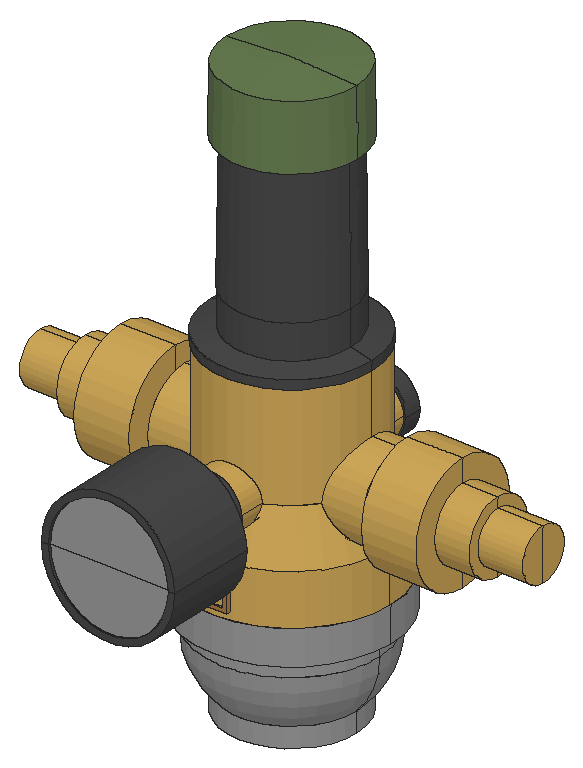
Revit family "Druckminderer mit Kunststoffkappe 2682", category Rohrzubehör, Revit 2019
Family settings
  Bemaßung runder Anschluss = Durchmesser verwenden
  Teiletyp = Unterbricht
  OmniClass-Nummer = 23.65.55.14
  OmniClass-Titel = Valves for Liquid Services
  Arbeitsebenenbasiert = Nein
  Immer vertikal = Ja
  Beim Laden mit Abzugskörper schneiden = Nein
  Gemeinsam genutzt = Nein
Parameters (values of type "Manometer vorne")
  Werkseinstellung (sekundärseitig) = 300000.0 Pa  # constant formula
  W01 = 91.00°  # constant formula
  Vorne [instance] = yes
  VRL03 [instance] = size_lookup("2682_K_", "VRL3", 1.000 mm, Nennweite)  # 23.500 mm
  VRL02 [instance] = size_lookup("2682_K_", "VRL2", 1.000 mm, Nennweite)  # 16.000 mm
  VRL01 [instance] = size_lookup("2682_K_", "VRL1", 1.000 mm, Nennweite)  # 73.500 mm
  VRD02 [instance] = size_lookup("2682_K_", "VRD2", 1.000 mm, Nennweite)  # 17.000 mm
  VRD01 [instance] = size_lookup("2682_K_", "VRD1", 1.000 mm, Nennweite)  # 10.500 mm
  VRAG [instance] = Nennweite / 2  # 7.500 mm
  URL = "www.herz-armaturen.at"
  Standard = "EN 1567"  # constant formula
  SC_NennweiteBerechnet = 0
  SC_Dimension = ""
  SCTWSEQ = "AW;SBT_TYP_AW=\"111\";2"
  SCTWCODE = "04;24;02"  # constant formula
  S02 = 10.000 mm  # constant formula
  S01 [instance] = VRD02 * 2  # 34.000 mm
  R07 [instance] = R05 + 0.800 mm  # 9.300 mm
  R06 = 19.500 mm  # constant formula
  R05 [instance] = size_lookup("2682_K_", "R5", 1.000 mm, Nennweite)  # 8.500 mm
  R04 [instance] = size_lookup("2682_K_", "R4", 1.000 mm, Nennweite)  # 18.900 mm
  R03 [instance] = size_lookup("2682_K_", "R3", 1.000 mm, Nennweite)  # 19.250 mm
  R02 [instance] = size_lookup("2682_K_", "R2", 1.000 mm, Nennweite)  # 28.750 mm
  R01 [instance] = size_lookup("2682_K_", "R1", 1.000 mm, Nennweite)  # 23.250 mm
  Oberteile = "PA6.6"  # constant formula
  Nennweite [instance] = 15.000 mm
  Membrane = "EPDM"  # constant formula
  Medium = "Wasser"  # constant formula
  Max. Vordruck (primärseitig) = 1600000.0 Pa  # constant formula
  Max. Betriebstemperatur = 40 °C  # constant formula
  Maschenweite Filter = "0.3 mm"  # constant formula
  Manometerskala = "0 - 10 bar"  # constant formula
  Manometeranschluss (beidseitig) = "1/4\" F (ISO 228-1)"
  LO01 [instance] = H02 - 2.000 mm  # 27.000 mm
  L01 [instance] = size_lookup("2682_K_", "L1", 1.000 mm, Nennweite)  # 10.600 mm
  L00 [instance] = size_lookup("2682_K_", "L", 1.000 mm, Nennweite)  # 84.000 mm
  Kappe = "PA12, transparent"  # constant formula
  Holländeranschlüsse = "Messing CW617N"  # constant formula
  Hinweis = "Gemäß Art 33 der REACH-Verordnung (EG Nr. 1907/2006) sind wir verpflichtet, darauf hinzuweisen, dass der Stoff Blei auf der SVHC-Liste geführt wird und dass alle aus Messing bestehenden Bauteile, die in unseren Erzeugnissen verarbeitet sind, mehr als 0,1 % (w/w) Blei (CAS: 7439-92-1 / EINECS: 231-100-4) enthalten.\r\nDa Blei als Legierungsbestandteil fest gebunden ist, sind keine Expositionen zu erwarten und daher sind keine zusätzlichen Angaben zur sicheren Verwendung notwendig."
  Hinten [instance] = no
  Hersteller = "HERZ Armaturen Ges.m.b.H."  # constant formula
  Handgriff = "PA 6.6, grün"  # constant formula
  H12 [instance] = size_lookup("2682_K_", "H12", 1.000 mm, Nennweite)  # 5.800 mm
  H11 [instance] = size_lookup("2682_K_", "H11", 1.000 mm, Nennweite)  # 10.000 mm
  H10 [instance] = size_lookup("2682_K_", "H10", 1.000 mm, Nennweite)  # 37.000 mm
  H09 [instance] = H01 + H04 - H05  # 84.500 mm
  H08 [instance] = size_lookup("2682_K_", "H8", 1.000 mm, Nennweite)  # 20.000 mm
  H07 [instance] = size_lookup("2682_K_", "H7", 1.000 mm, Nennweite)  # 10.000 mm
  H06 [instance] = size_lookup("2682_K_", "H6", 1.000 mm, Nennweite)  # 2.500 mm
  H05 [instance] = size_lookup("2682_K_", "H5", 1.000 mm, Nennweite)  # 4.700 mm
  H04 [instance] = size_lookup("2682_K_", "H4", 1.000 mm, Nennweite)  # 58.700 mm
  H03 [instance] = D02 + 1.000 mm  # 14.220 mm
  H02 [instance] = size_lookup("2682_K_", "H2", 1.000 mm, Nennweite)  # 29.000 mm
  H01 [instance] = size_lookup("2682_K_", "H1", 1.000 mm, Nennweite)  # 30.500 mm
  Gehäuse (DN32-DN50) = "Gussmessing (EN 1982; CC770S)"  # constant formula
  Gehäuse (DN15-DN25) = "geschmiedetes Messing (EN 12165; CW626N)"  # constant formula
  GT1 [instance] = size_lookup("2682_K_", "GT1", 1.000 mm, Nennweite)  # 12.000 mm
  GT [instance] = size_lookup("2682_K_", "GT", 1.000 mm, Nennweite)  # 13.200 mm
  Filter = "Edelstahl"  # constant formula
  Federführung = "Edelstahl"  # constant formula
  Feder = "Federstahl"  # constant formula
  Einstellbereich (sekundärseitig) = "1.5 - 6 bar"  # constant formula
  Dichtung im Druckreduziererelement = "EPDM"  # constant formula
  Dichtung der Holländeranschlüsse = "Klingersil C-4324"  # constant formula
  D09 [instance] = size_lookup("2682_K_", "D9", 1.000 mm, Nennweite)  # 19.000 mm
  D08 [instance] = size_lookup("2682_K_", "D8", 1.000 mm, Nennweite)  # 25.800 mm
  D07 [instance] = size_lookup("2682_K_", "D7", 1.000 mm, Nennweite)  # 29.000 mm
  D06 [instance] = size_lookup("2682_K_", "D6", 1.000 mm, Nennweite)  # 16.000 mm
  D05 [instance] = size_lookup("2682_K_", "D5", 1.000 mm, Nennweite)  # 16.800 mm
  D04 [instance] = size_lookup("2682_K_", "D4", 1.000 mm, Nennweite)  # 17.300 mm
  D03 [instance] = size_lookup("2682_K_", "D3", 1.000 mm, Nennweite)  # 23.500 mm
  D02 [instance] = size_lookup("2682_K_", "D2", 1.000 mm, Nennweite)  # 13.220 mm
  D01 [instance] = size_lookup("2682_K_", "D1", 1.000 mm, Nennweite)  # 9.525 mm
  Bestellnummer [instance] = size_lookup("2682_K_", "Artnr", 0, Nennweite)  # 1268211
  B03 = 5.000 mm  # constant formula
  B02 = 26.000 mm  # constant formula
  B01 [instance] = size_lookup("2682_K_", "B1", 1.000 mm, Nennweite)  # 30.000 mm
  B00 [instance] = size_lookup("2682_K_", "B", 1.000 mm, Nennweite)  # 67.000 mm
  Außengewinde = "gemäß ISO 7-1 und ISO228"  # constant formula
  Anwendung = "Typischerweise dient der Druckreduzierer dazu, Installationen beziehungsweise Anlagen vor zu hohem Druck zu schützen.\r\nWeiters können Druckreduzierer in Heizungsanlagen eingesetzt werden, um zu hohe Drücke im Boiler zu verhindern.\r\nDer Druck nach dem Druckreduzierer ist im angegebenen Bereich einstellbar und steht nicht im Zusammenhang mit dem Vordruck.\r\nUm den Druck nach dem Druckreduzierer zu steigern, muss der Handgriff im Uhrzeigersinn gedreht werden.\r\nDurch das Einstellen von Drücken, welche die vorgegebene Skala überschreiten, können Schäden am Druckreduzierer entstehen.\r\nWir empfehlen einen maximalen Hinterdruck sekundärseitig von 4 bar für Anlagen in privaten Haushalten (lange Produktlebensdauer, geringe Kosten).\r\nNach jeder Änderung des Einstellwertes muss die Ausgangsseite druckentlastet werden, zum Beispiel durch Wasserzapfen."
Types (3, lengths in mm): name | Vorne | Hinten
  (no name) | yes | no
  Manometer vorne | yes | no
  Manometer hinten | no | yes
Reference planes
  plane 1 "Mitte (Vorne/hinten)": y = 0
  plane 2: z = 0
  plane 3 "Mitte (Links/rechts)": x = 0
Forms (mm)
  Revolve 1, solid, material "Messing, weicher Gelbton, geschweißt", detail levels fine
    sketch origin (0, 0, 0) x (1, 0, 0) y (0, 0, 1)
      loop
        line (-42, 0) -> (42, 0) -> (42, 9.525) -> (31.4, 9.525) -> (31.4, 13.22) -> (-31.4, 13.22) -> (-31.4, 9.525) -> (-42, 9.525) -> (-42, 0)
      axis (-42, 0) -> (42, 0)
    angle from 0 to 360
  Revolve 2, solid, material "Messing, weicher Gelbton, geschweißt", detail levels fine
    sketch origin (0, 0, 0) x (1, 0, 0) y (0, 0, 1)
      loop
        line (0, -29) -> (28.75, -29) -> (28.75, -14.22) -> (23.25, 0) -> (23.25, 30.5) -> (0, 30.5) -> (0, -29)
      axis (0, 30.5) -> (0, -29)
    angle from 0 to 360
  Revolve 3, solid, material "Acetalharz, Schwarz", detail levels fine
    sketch origin (0, 0, 0) x (1, 0, 0) y (0, 0, 1)
      loop
        line (0, 30.5) -> (0, 89.2) -> (-16, 89.2) -> (-16, 84.5) -> (-16.8, 84.5) -> (-17.3, 44.5) -> (-17.3, 34.5) -> (-23.5, 33) -> (-23.5, 30.5) -> (0, 30.5)
      axis (0, 89.2) -> (0, 30.5)
    angle from 0 to 360
  Revolve 4, solid, material "Kunststoff GRÜN", detail levels fine
    sketch origin (0, 0, 0) x (1, 0, 0) y (0, 0, 1)
      loop
        line (0, 84.5) -> (19.25, 84.5) -> (18.9, 103.392)
        arc (18.9, 103.392) -> (9.466, 104.223) -> (0, 104.5) r 161.794
        line (0, 104.5) -> (0, 84.5)
      axis (0, 104.5) -> (0, 84.5)
    angle from 0 to 360
  Revolve 5, solid, material "Kunststoff, transparent", detail levels fine
    sketch origin (0, 0, 0) x (1, 0, 0) y (0, 0, 1)
      loop
        line (0, -29) -> (0, -66) -> (19, -66) -> (19, -60.2)
        arc (19, -60.2) -> (24.034, -52.577) -> (25.8, -43.615) r 23.626
        line (25.8, -43.615) -> (25.8, -39) -> (29, -39) -> (29, -29) -> (0, -29)
      axis (0, -29) -> (0, -66)
    angle from 0 to 360
  Revolve 6, solid, material "Messing, weicher Gelbton, geschweißt", detail levels fine
    sketch origin (0, 0, 0) x (1, 0, 0) y (0, 0, 1)
      loop
        line (34, 9.525) -> (46, 9.525) -> (46, 0) -> (73.5, 0) -> (73.5, 7.5) -> (60.3, 7.5) -> (60.3, 10.5) -> (50, 10.5) -> (50, 17) -> (34, 17) -> (34, 9.525)
      loop
        line (-34, 9.525) -> (-34, 17) -> (-50, 17) -> (-50, 10.5) -> (-60.3, 10.5) -> (-60.3, 7.5) -> (-73.5, 7.5) -> (-73.5, 0) -> (-46, 0) -> (-46, 9.525) -> (-34, 9.525)
      axis (-73.5, 0) -> (73.5, 0)
    angle from 0 to 360
  Revolve 7, solid, material "Messing, weicher Gelbton, geschweißt", detail levels fine
    sketch origin (0, 0, 0) x (1, 0, 0) y (0, 1, 0)
      loop
        line (0, 30) -> (0, -30) -> (8.5, -30) -> (8.5, 30) -> (0, 30)
      axis (0, 30) -> (0, -30)
    angle from 0 to 360
  Revolve 8, solid, material "Acetalharz, Schwarz", visible <- "Vorne", detail levels fine
    sketch origin (0, 0, 0) x (1, 0, 0) y (0, 1, 0)
      loop
        line (0, -30) -> (0, -65) -> (17.5, -65) -> (17.5, -67) -> (19.5, -67) -> (19.5, -41) -> (9.3, -41) -> (9.3, -30) -> (0, -30)
      axis (0, -30) -> (0, -67)
    angle from 0 to 360
  Revolve 9, solid, material "Acetalharz, Schwarz", visible <- "Vorne", detail levels fine
    sketch origin (0, 0, 0) x (1, 0, 0) y (0, 1, 0)
      loop
        line (0, 30) -> (9.3, 30) -> (9.3, 35) -> (0, 35) -> (0, 30)
      axis (0, 35) -> (0, 30)
    angle from 0 to 360
  Revolve 10, solid, material "Acetalharz, Schwarz", visible <- "Hinten", detail levels fine
    sketch origin (0, 0, 0) x (1, 0, 0) y (0, -1, 0)
      loop
        line (0, 30) -> (9.3, 30) -> (9.3, 35) -> (0, 35) -> (0, 30)
      axis (0, 35) -> (0, 30)
    angle from 0 to 360
  Revolve 11, solid, material "Acetalharz, Weiß", visible <- "Vorne", detail levels fine
    sketch origin (0, 0, 0) x (1, 0, 0) y (0, 1, 0)
      loop
        line (0, -65) -> (0, -66.5) -> (17.5, -66.5) -> (17.5, -65) -> (0, -65)
      axis (0, -65) -> (0, -66.5)
    angle from 0 to 360
  Revolve 12, solid, material "Acetalharz, Schwarz", visible <- "Hinten", detail levels fine
    sketch origin (0, 0, 0) x (1, 0, 0) y (0, -1, 0)
      loop
        line (0, -30) -> (0, -65) -> (17.5, -65) -> (17.5, -67) -> (19.5, -67) -> (19.5, -41) -> (9.3, -41) -> (9.3, -30) -> (0, -30)
      axis (0, -30) -> (0, -67)
    angle from 0 to 360
  Revolve 13, solid, material "Acetalharz, Weiß", visible <- "Hinten", detail levels fine
    sketch origin (0, 0, 0) x (1, 0, 0) y (0, -1, 0)
      loop
        line (0, -65) -> (0, -66.5) -> (17.5, -66.5) -> (17.5, -65) -> (0, -65)
      axis (0, -65) -> (0, -66.5)
    angle from 0 to 360
Lines and regions (mm)
  model lines, detail levels coarse+medium
    curve 1: line (-42, 0, -17) -> (-42, 0, 17)
    curve 2: line (-42, 0, 17) -> (42, 0, -34)
    curve 3: line (42, 0, -34) -> (42, 0, 34)
    curve 4: line (42, 0, 34) -> (-42, 0, -17)
    curve 5: line (-42, 0, 17) -> (-52, 0, 17)
    curve 6: line (-52, 0, 17) -> (-42, 0, 0)
    curve 7: line (-42, 0, -17) -> (-52, 0, -17)
    curve 8: line (-52, 0, -17) -> (-42, 0, 0)
    curve 9: line (-42, 0, 0) -> (-73.5, 0, 0)
    curve 10: line (42, 0, 17) -> (52, 0, 17)
    curve 11: line (52, 0, 17) -> (42, 0, 0)
    curve 12: line (42, 0, -17) -> (52, 0, -17)
    curve 13: line (52, 0, -17) -> (42, 0, 0)
    curve 14: line (42, 0, 0) -> (73.5, 0, 0)
    curve 15: line (-42, -17, 0) -> (-42, 17, 0)
    curve 16: line (-42, 17, 0) -> (42, -34, 0)
    curve 17: line (42, -34, 0) -> (42, 34, 0)
    curve 18: line (42, 34, 0) -> (-42, -17, 0)
    curve 19: line (-42, 17, 0) -> (-52, 17, 0)
    curve 20: line (-52, 17, 0) -> (-42, 0, 0)
    curve 21: line (-42, -17, 0) -> (-52, -17, 0)
    curve 22: line (-52, -17, 0) -> (-42, 0, 0)
    curve 23: line (42, 0, -17) -> (42, 0, 17)
    curve 24: line (42, 0, 17) -> (52, 0, 17)
    curve 25: line (52, 0, 17) -> (42, 0, 0)
    curve 26: line (42, 17, 0) -> (52, 17, 0)
    curve 27: line (52, 17, 0) -> (42, 0, 0)
    curve 28: line (42, -17, 0) -> (52, -17, 0)
    curve 29: line (52, -17, 0) -> (42, 0, 0)
Dimensions and locks
  equal spacing: Revolve 1 sketch curve, plane 3 "Mitte (Links/rechts)", Revolve 1 sketch curve
  "L00": Revolve 1 sketch curve to Revolve 1 sketch curve
  "L01": Revolve 1 sketch curve to Revolve 1 sketch curve  (x2)
  "D01": Revolve 1 sketch curve to Revolve 1 sketch curve  (x2)
  "D02": Revolve 1 sketch curve to plane 2
  "R01": Revolve 2 sketch curve to Revolve 2 sketch curve
  "R02": Revolve 2 sketch curve to Revolve 2 sketch curve
  "H01": Revolve 2 sketch curve to plane 2
  "H02": plane 2 to Revolve 2 sketch curve
  "H03": plane 2 to Revolve 2 sketch curve
  "H01": Revolve 3 sketch curve to plane 2
  "H04": Revolve 3 sketch curve to Revolve 3 sketch curve
  "H05": Revolve 3 sketch curve to Revolve 3 sketch curve
  "H06": Revolve 3 sketch curve to Revolve 3 sketch curve
  "H07": Revolve 3 sketch curve to Revolve 3 sketch curve
  "D03": Revolve 3 sketch curve to Revolve 3 sketch curve
  "D04": Revolve 3 sketch curve to Revolve 3 sketch curve
  "D05": Revolve 3 sketch curve to Revolve 3 sketch curve
  "D06": Revolve 3 sketch curve to Revolve 3 sketch curve
  "R03": Revolve 4 sketch curve to Revolve 4 sketch curve
  "H08": Revolve 4 sketch curve to Revolve 4 sketch curve
  "R04": Revolve 4 sketch curve to plane 3 "Mitte (Links/rechts)"
  "H09": Revolve 4 sketch curve to plane 2
  "H10": Revolve 5 sketch curve to Revolve 5 sketch curve
  "H02": plane 2 to Revolve 5 sketch curve
  "D07": Revolve 5 sketch curve to Revolve 5 sketch curve
  "H11": Revolve 5 sketch curve to Revolve 5 sketch curve
  "D08": Revolve 5 sketch curve to Revolve 5 sketch curve
  "H12": Revolve 5 sketch curve to Revolve 5 sketch curve
  "D09": Revolve 5 sketch curve to Revolve 5 sketch curve
  "VRL02": Revolve 6 sketch curve to Revolve 6 sketch curve  (x2)
  "VRL01": Revolve 6 sketch curve to plane 3 "Mitte (Links/rechts)"
  "GT": Revolve 6 sketch curve to Revolve 6 sketch curve  (x2)
  "VRL03": Revolve 6 sketch curve to Revolve 6 sketch curve  (x2)
  "D01": Revolve 6 sketch curve to plane 2  (x2)
  "GT1": Revolve 6 sketch curve to Revolve 6 sketch curve  (x2)
  "VRAG": Revolve 6 sketch curve to plane 2  (x2)
  "VRD01": Revolve 6 sketch curve to plane 2  (x2)
  "VRD02": Revolve 6 sketch curve to Revolve 6 sketch curve  (x2)
  "VRL01": plane 3 "Mitte (Links/rechts)" to Revolve 6 sketch curve
  "B01": Revolve 7 sketch curve to plane 1 "Mitte (Vorne/hinten)" to Revolve 7 sketch curve
  "R05": Revolve 7 sketch curve to Revolve 7 sketch curve
  "B00": Revolve 8 sketch curve to plane 1 "Mitte (Vorne/hinten)"
  "B01": plane 1 "Mitte (Vorne/hinten)" to Revolve 8 sketch curve
  "B02": Revolve 8 sketch curve to Revolve 8 sketch curve
  "R06": Revolve 8 sketch curve to Revolve 8 sketch curve
  "R07": Revolve 8 sketch curve to Revolve 8 sketch curve
  "R02": nested 1 to plane 1 "Mitte (Vorne/hinten)"
  "LO01": plane 2 to nested 1
  "VRD02": curve 2 to plane 2 to curve 4
  "S01": curve 4 to plane 2 to curve 3
  equal spacing: curve 3, plane 3 "Mitte (Links/rechts)", curve 1
  "L00": curve 3 to curve 1
  "S02": curve 1 to curve 6
  "S02": curve 1 to curve 8
  "VRL01": plane 3 "Mitte (Links/rechts)" to curve 9
  "S02": curve 11 to curve 3
  "S02": curve 13 to curve 3
  "VRL01": curve 14 to plane 3 "Mitte (Links/rechts)"
  "VRD02": curve 10 to plane 2 to curve 12
  equal spacing: curve 15, plane 3 "Mitte (Links/rechts)", curve 17
  "L00": curve 15 to curve 17
  "VRD02": curve 18 to plane 1 "Mitte (Vorne/hinten)" to curve 16
  "S01": curve 17 to plane 1 "Mitte (Vorne/hinten)" to curve 18
  "S02": curve 20 to curve 15
  "S02": curve 22 to curve 15
  "S02": curve 17 to curve 27
  "S02": curve 17 to curve 29
  "VRD02": curve 28 to plane 1 "Mitte (Vorne/hinten)" to curve 26
  "R07": Revolve 9 sketch curve to Revolve 9 sketch curve
  "B01": plane 1 "Mitte (Vorne/hinten)" to Revolve 9 sketch curve
  "B03": Revolve 9 sketch curve to Revolve 9 sketch curve
  "R07": Revolve 10 sketch curve to Revolve 10 sketch curve
  "B03": Revolve 10 sketch curve to Revolve 10 sketch curve
  "B01": Revolve 10 sketch curve to plane 1 "Mitte (Vorne/hinten)"
  "B02": Revolve 12 sketch curve to Revolve 12 sketch curve
  "R06": Revolve 12 sketch curve to Revolve 12 sketch curve
  "R07": Revolve 12 sketch curve to Revolve 12 sketch curve
  aligned and locked: level to plane 2
Automatic sketch dimensions
  Revolve 11 sketch curve to plane 3 "Mitte (Links/rechts)" = 0.000 mm  (x2)
  plane 3 "Mitte (Links/rechts)" to Revolve 11 sketch curve = 17.500 mm
  plane 1 "Mitte (Vorne/hinten)" to Revolve 11 sketch curve = 66.500 mm
  Revolve 11 sketch curve to Revolve 11 sketch curve = 1.500 mm
  Revolve 11 sketch curve to Revolve 11 sketch curve = 1933.500 mm
  Revolve 11 sketch curve to plane 1 "Mitte (Vorne/hinten)" = 2000.000 mm
  Revolve 13 sketch curve to plane 3 "Mitte (Links/rechts)" = 0.000 mm  (x2)
  Revolve 13 sketch curve to plane 3 "Mitte (Links/rechts)" = 17.500 mm
  plane 1 "Mitte (Vorne/hinten)" to Revolve 13 sketch curve = 66.500 mm
  Revolve 13 sketch curve to Revolve 13 sketch curve = 1.500 mm
  Revolve 13 sketch curve to Revolve 13 sketch curve = 1933.500 mm
  Revolve 13 sketch curve to plane 1 "Mitte (Vorne/hinten)" = 2000.000 mm
  curve 25 to level = 0.000 mm
  curve 14 to level = 0.000 mm
  curve 6 to level = 0.000 mm
  curve 8 to level = 0.000 mm
  curve 24 to curve 10 = 0.000 mm
  plane 1 "Mitte (Vorne/hinten)" to curve 29 = 0.000 mm
  plane 1 "Mitte (Vorne/hinten)" to curve 20 = 0.000 mm
  Revolve 1 sketch curve to level = 0.000 mm  (x2)
  Revolve 1 sketch curve to Revolve 1 sketch curve = 1464.530 mm
  Revolve 1 sketch curve to Revolve 1 sketch curve = 1797.148 mm
  Revolve 2 sketch curve to plane 3 "Mitte (Links/rechts)" = 0.000 mm  (x2)
  Revolve 2 sketch curve to level = 0.000 mm
  Revolve 2 sketch curve to Revolve 2 sketch curve = 337.045 mm
  Revolve 2 sketch curve to Revolve 2 sketch curve = 2183.815 mm
  Revolve 3 sketch curve to plane 3 "Mitte (Links/rechts)" = 0.000 mm  (x2)
  Revolve 3 sketch curve to Revolve 3 sketch curve = 1.500 mm
  Revolve 3 sketch curve to level = 366.045 mm
  Revolve 3 sketch curve to Revolve 3 sketch curve = 2125.115 mm
  Revolve 4 sketch curve to plane 3 "Mitte (Links/rechts)" = 0.000 mm  (x2)
  Revolve 4 sketch curve to level = 57.294 mm
  Revolve 4 sketch curve to Revolve 4 sketch curve = 308.751 mm
  Revolve 4 sketch curve to Revolve 4 sketch curve = 2109.815 mm
  Revolve 5 sketch curve to plane 3 "Mitte (Links/rechts)" = 0.000 mm  (x2)
  plane 3 "Mitte (Links/rechts)" to Revolve 5 sketch curve = 2.174 mm
  Revolve 5 sketch curve to Revolve 5 sketch curve = 300.045 mm
  level to Revolve 5 sketch curve = 2214.315 mm
  Revolve 6 sketch curve to level = 0.000 mm  (x3)
  Revolve 6 sketch curve to Revolve 6 sketch curve = 1433.030 mm
  Revolve 6 sketch curve to Revolve 6 sketch curve = 1765.648 mm
  Revolve 7 sketch curve to plane 3 "Mitte (Links/rechts)" = 0.000 mm  (x2)
  Revolve 7 sketch curve to Revolve 7 sketch curve = 1950.000 mm  (x2)
  Revolve 8 sketch curve to plane 3 "Mitte (Links/rechts)" = 0.000 mm  (x2)
  Revolve 8 sketch curve to Revolve 8 sketch curve = 2.000 mm  (x2)
  Revolve 8 sketch curve to Revolve 8 sketch curve = 0.000 mm
  Revolve 8 sketch curve to plane 1 "Mitte (Vorne/hinten)" = 2000.000 mm
  Revolve 9 sketch curve to plane 3 "Mitte (Links/rechts)" = 0.000 mm  (x2)
  plane 1 "Mitte (Vorne/hinten)" to Revolve 9 sketch curve = 2000.000 mm
  Revolve 9 sketch curve to Revolve 9 sketch curve = 1963.119 mm
  Revolve 10 sketch curve to plane 3 "Mitte (Links/rechts)" = 0.000 mm  (x2)
  plane 1 "Mitte (Vorne/hinten)" to Revolve 10 sketch curve = 2000.000 mm
  Revolve 10 sketch curve to Revolve 10 sketch curve = 1963.119 mm
  Revolve 12 sketch curve to plane 3 "Mitte (Links/rechts)" = 0.000 mm  (x2)
  Revolve 12 sketch curve to Revolve 12 sketch curve = 2.000 mm  (x2)
  plane 1 "Mitte (Vorne/hinten)" to Revolve 12 sketch curve = 67.000 mm
  Revolve 12 sketch curve to Revolve 12 sketch curve = 11.000 mm
  Revolve 12 sketch curve to Revolve 12 sketch curve = 0.000 mm
  Revolve 12 sketch curve to plane 1 "Mitte (Vorne/hinten)" = 2000.000 mm
Nested families
  nested 1: "Herz-Logo-vorne" at (0, -28.75, -22.5) x (0, 1, 0) z (0, 0, 1), type "Herz-Logo-vorne", detail levels fine
Connectors
  piping at (73.5, 0, 0), diameter 15, driven by "Nennweite"
    settings: on Revolve 6, index 1, connector inside diameter 609.6 mm, connector length 0.000 mm, flow factor 0, pipe flow 0.0 L/s, pressure drop 0.0 Pa, fitting loss kfactor 0, connector angle 0.00°, fixture units 0, engagement length 0.000 mm, angle of deflection 0.00°, flow configuration 0, flow direction 2, fitting loss method 0, system type 29, joint type 0, gender type 0, connector reference index -1, connector utility 0, adjustable connector no, is connector primary yes, connector description ""
  piping at (-73.5, 0, 0), diameter 15, driven by "Nennweite"
    settings: on Revolve 6, index 2, connector inside diameter 609.6 mm, connector length 0.000 mm, flow factor 0, pipe flow 0.0 L/s, pressure drop 0.0 Pa, fitting loss kfactor 0, connector angle 0.00°, fixture units 0, engagement length 0.000 mm, angle of deflection 0.00°, flow configuration 0, flow direction 1, fitting loss method 0, system type 29, joint type 0, gender type 0, connector reference index -1, connector utility 0, adjustable connector no, is connector primary no, connector description ""
Definition of nested family "Herz-Logo-vorne"
  Reference planes
    plane 1 "Mitte (Vorne/hinten)": y = 0
    plane 2: z = 0
    plane 3 "Mitte (Links/rechts)": x = 0
  Forms (mm)
    Extrusion 1, solid
      sketch origin (0.732, -0.018, 0.017) x (0, -1, 0) y (0, 0, 1)
        loop
          line (-0.018, -4.517) -> (4.482, -4.517) -> (4.482, 4.483) -> (-4.518, 4.483) -> (-4.518, -4.517) -> (-0.018, -4.517)
        loop
          line (-0.05, -3.48) -> (3.482, -3.48) -> (3.482, 3.483) -> (-3.518, 3.483) -> (-3.518, -3.48) -> (-0.05, -3.48)
        loop
          arc (-0.018, 2.383) -> (-1.543, 3.287) -> (-3.067, 2.383) r 1.738
          arc (-3.067, 2.383) -> (-3.191, 1.899) -> (-3.067, 1.415) r 1.009
          line (-3.067, 1.415) -> (-0.018, -3.281) -> (3.032, 1.415)
          arc (3.032, 1.415) -> (3.156, 1.899) -> (3.032, 2.383) r 1.009
          arc (3.032, 2.383) -> (1.507, 3.287) -> (-0.018, 2.383) r 1.738
        loop
          arc (1.885, 1.272) -> (2.005, 1.675) -> (1.885, 2.079) r 0.74
          arc (1.885, 2.079) -> (1.265, 2.416) -> (0.644, 2.079) r 0.74
          line (0.644, 2.079) -> (-0.018, 0.97) -> (-0.679, 2.079)
          arc (-0.679, 2.079) -> (-1.3, 2.416) -> (-1.921, 2.079) r 0.74
          arc (-1.921, 2.079) -> (-2.04, 1.675) -> (-1.921, 1.272) r 0.74
          line (-1.921, 1.272) -> (-0.018, -1.658) -> (1.885, 1.272)
      from 0 to 1.5
  Dimensions and locks
    aligned and locked: level to plane 2
